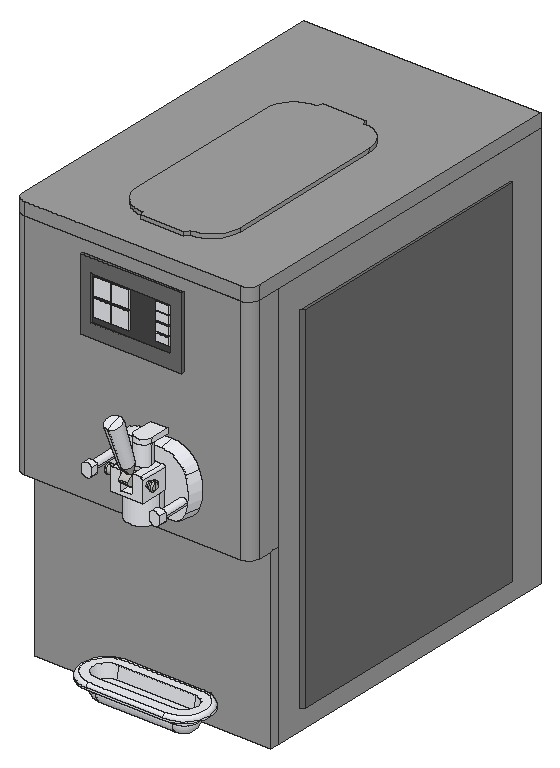
Revit family "QF_ELECTROLUXPROFESSIONAL_560066_CAP118DGA3PHCM", category Specialty Equipment, Revit 2018
Family settings
  Round Connector Dimension = Use Diameter
  Part Type = Normal
  Work Plane-Based = No
  Always vertical = Yes
  Cut with Voids When Loaded = No
  Shared = No
  Room Calculation Point = No
Parameters
  Watts = 0 W
  HP = ""
  Direct Waste Size = 0 mm
Reference planes
  plane 1 "Center (Front/Back)": y = 0
  plane 2: z = 0
  plane 3 "Center (Left/Right)": x = 0
  plane 4 "BASE": z = 30
  plane 5 "TOP": z = 853
  plane 6 "FRONT": y = -417
  plane 7 "BACK": y = 417
  plane 8 "LEFT": x = -232.5
  plane 9 "RIGHT": x = 232.5
  plane 10 "PLANE": z = 113
  plane 11: z = 400
  plane 12: y = 287
  plane 13: y = -111
  plane 14: x = -147
  plane 15: x = 147
  plane 16: y = 410
  plane 17: y = 390
  plane 18 "Panel": y = -227
  plane 19 "CenterX": y = -330.377
  plane 20 "CenterY": x = 48.589
  plane 21 "DispenserX": z = 503.906
  plane 22 "HoleY": y = -359.094
  plane 23: y = -377
Forms (mm)
  Extrusion 1, solid, material "QF_Finishes_Rubber Black"
    sketch origin (0, 0, 0) x (1, 0, 0) y (0, 1, 0)
      loop
        circle (-147, 287) r 20
    from 30 to 0
  Extrusion 2, solid, material "QF_Finishes_Rubber Black"
    sketch origin (0, 0, 0) x (1, 0, 0) y (0, 1, 0)
      loop
        circle (-147, -111) r 20
    from 30 to 0
  Extrusion 3, solid, material "QF_Finishes_Rubber Black"
    sketch origin (5, 0, 0) x (1, 0, 0) y (0, 1, 0)
      loop
        circle (142.097, 287) r 20
    from 30 to 0
  Extrusion 4, solid, material "QF_Finishes_Rubber Black"
    sketch origin (0, 0, 0) x (1, 0, 0) y (0, 1, 0)
      loop
        circle (142.097, -111) r 20
    from 30 to 0
  Extrusion 5, solid, material "QF_Finishes_Rubber Black"
    sketch origin (0, 0, 0) x (1, 0, 0) y (0, 1, 0)
      loop
        line (200, 410) -> (193, 417) -> (-193, 417) -> (-200, 410) -> (200, 410)
    from 70 to 761
  Extrusion 6, solid, material "QF_Finishes_Rubber Black"
    sketch origin (0, 0, 0) x (1, 0, 0) y (0, 1, 0)
      loop
        line (225.5, 338.446) -> (225.5, -174.757) -> (232.5, -167.757) -> (232.5, 331.446) -> (225.5, 338.446)
    from 70 to 761
  Extrusion 7, solid, material "QF_Finishes_Gray"
    sketch origin (0, 0, 0) x (1, 0, 0) y (0, 1, 0)
      loop
        line (-232.5, 410) -> (-232.5, -227) -> (225.5, -227) -> (225.5, 410) -> (-232.5, 410)
    from 821 to 30
  Extrusion 8, solid, material "QF_Finishes_Gray"
    sketch origin (0, 0, 0) x (1, 0, 0) y (0, 1, 0)
      loop
        line (-100, 152.026) -> (-100, -159.18)
        arc (-100, -159.18) -> (-83.917, -198.045) -> (-45.075, -214.18) r 55
        line (-45.075, -214.18) -> (-41.655, -223.577) -> (41.655, -223.577) -> (45.075, -214.18)
        arc (45.075, -214.18) -> (83.917, -198.045) -> (100, -159.18) r 55
        line (100, -159.18) -> (100, 152.026)
        arc (100, 152.026) -> (83.917, 190.89) -> (45.075, 207.026) r 55
        line (45.075, 207.026) -> (41.655, 216.423) -> (-41.655, 216.423) -> (-45.075, 207.026)
        arc (-45.075, 207.026) -> (-83.917, 190.89) -> (-100, 152.026) r 55
    from 853 to 846
  Extrusion 9, solid, material "QF_Finishes_Gray"
    sketch origin (0, 0, 0) x (1, 0, 0) y (0, 1, 0)
      loop
        line (-232.5, 410) -> (-232.5, -270.442)
        arc (-232.5, -270.442) -> (-226.642, -284.584) -> (-212.5, -290.442) r 20
        line (-212.5, -290.442) -> (205.5, -290.442)
        arc (205.5, -290.442) -> (219.642, -284.584) -> (225.5, -270.442) r 20
        line (225.5, -270.442) -> (225.5, 410) -> (-232.5, 410)
    from 846 to 821
  Extrusion 10, solid, material "QF_Finishes_Gray"
    sketch origin (0, 0, 0) x (1, 0, 0) y (0, 1, 0)
      loop
        arc (-232.5, -270.442) -> (-226.642, -284.584) -> (-212.5, -290.442) r 20
        line (-212.5, -290.442) -> (205.5, -290.442)
        arc (205.5, -290.442) -> (219.642, -284.584) -> (225.5, -270.442) r 20
        line (225.5, -270.442) -> (225.5, -227) -> (-232.5, -227) -> (-232.5, -270.442)
    from 372.116 to 821
  Extrusion 11, solid, material "QF_Finishes_Gray"
    sketch origin (0, 0, 0) x (1, 0, 0) y (0, 1, 0)
      loop
        line (-232.5, -227) -> (-232.5, -242) -> (225.5, -242) -> (225.5, -227) -> (-232.5, -227)
    from 30 to 372.116
  Extrusion 12, solid, material "QF_Finishes_Rubber Black"
    sketch origin (0, -417, 56) x (-1, 0, 0) y (0, 0, 1)
      loop
        line (-95, 742) -> (-95, 602) -> (100, 602) -> (100, 742) -> (-95, 742)
      loop
        line (80, 715) -> (-75, 715) -> (-75, 629) -> (80, 629) -> (80, 715)
    from 131.011 to 121
  Extrusion 13, solid, material "QF_Plastic-Black-Matte"
    sketch origin (0, -417, 56) x (-1, 0, 0) y (0, 0, 1)
      loop
        line (80, 715) -> (-75, 715) -> (-75, 629) -> (80, 629) -> (80, 715)
    from 131.011 to 123
  Blend 14, solid, material "QF_Finishes_White"
    base sketch origin (0, -417, 1) x (-1, 0, 0) y (0, 0, 1)
      loop
        line (-17.867, 534.877) -> (-72.867, 534.877)
        arc (-72.867, 534.877) -> (-104.498, 524.904) -> (-124.689, 498.591) r 55.147
        arc (-124.689, 498.591) -> (-130.721, 464.381) -> (-124.689, 430.171) r 100.024
        arc (-124.689, 430.171) -> (-109.879, 411.813) -> (-86.926, 406.378) r 36.422
        line (-86.926, 406.378) -> (-13.841, 406.378)
        arc (-13.841, 406.378) -> (11.118, 423.732) -> (28.657, 448.561) r 87.736
        arc (28.657, 448.561) -> (32.359, 477.841) -> (28.62, 507.117) r 117.056
        arc (28.62, 507.117) -> (9.205, 527.409) -> (-17.867, 534.877) r 52.805
    top sketch origin (0, -417, 1) x (-1, 0, 0) y (0, 0, 1)
      loop
        arc (23.932, 505.269) -> (6.385, 523.268) -> (-17.867, 529.877) r 47.805
        line (-17.867, 529.877) -> (-72.867, 529.877)
        arc (-72.867, 529.877) -> (-101.631, 520.808) -> (-119.99, 496.881) r 50.147
        arc (-119.99, 496.881) -> (-125.721, 464.381) -> (-119.99, 431.881) r 95.024
        arc (-119.99, 431.881) -> (-107.114, 415.981) -> (-87.178, 411.378) r 31.422
        line (-87.178, 411.378) -> (-14.959, 411.378)
        arc (-14.959, 411.378) -> (7.813, 427.497) -> (23.932, 450.269) r 82.736
        arc (23.932, 450.269) -> (27.359, 477.769) -> (23.932, 505.269) r 112.056
    from 126.558 to 100
  Sweep 15, solid, material "QF_Finishes_White"
    path origin (0, 0.098, 0) x (1, 0, 0) y (0, 1, 0)
      loop
        arc (124.288, -377.098) -> (174.152, -327.234) -> (124.288, -277.37) r 49.864
        line (124.288, -277.37) -> (-24.465, -277.37)
        arc (-24.465, -277.37) -> (-74.329, -327.234) -> (-24.465, -377.098) r 49.864
        line (-24.465, -377.098) -> (124.288, -377.098)
    profile origin (49.912, -377, 0) x (0, -1, 0) y (0, 0, 1)
      loop
        arc (-44.804, 63.948) -> (-28.996, 70.496) -> (-22.447, 86.305) r 22.357
        line (-22.447, 86.305) -> (-20.953, 103.387) -> (0, 103.387) -> (0, 106.387)
        arc (0, 106.387) -> (-1.937, 111.063) -> (-6.613, 113) r 6.613
        line (-6.613, 113) -> (-23.219, 113) -> (-25.397, 88.095) -> (-44.804, 88.095) -> (-44.804, 63.948)
  Revolve 16, solid, material "QF_Finishes_White"
    sketch origin (0, -330.377, 1) x (-1, 0, 0) y (0, 0, 1)
      loop
        line (-17, 458.985) -> (-45.961, 458.985) -> (-45.961, 502.906) -> (-32, 502.906) -> (-32, 540.7) -> (-48.589, 540.7) -> (-48.589, 399)
        arc (-48.589, 399) -> (-35.782, 401.599) -> (-25, 408.985) r 32.856
        line (-25, 408.985) -> (-17, 408.985) -> (-17, 458.985)
      axis (-48.589, 399) -> (-48.589, 540.7)
    angle from 0 to 360
  Extrusion 17, solid, material "QF_Finishes_White"
    sketch origin (0, -417, 1) x (-1, 0, 0) y (0, 0, 1)
      loop
        line (-80.178, 458.985) -> (-17, 458.985) -> (-17, 497.906)
        arc (-17, 497.906) -> (-18.465, 501.442) -> (-22, 502.906) r 5
        line (-22, 502.906) -> (-37.291, 502.906) -> (-37.291, 466.693) -> (-59.888, 466.693) -> (-59.888, 502.906) -> (-75.178, 502.906)
        arc (-75.178, 502.906) -> (-78.714, 501.442) -> (-80.178, 497.906) r 5
        line (-80.178, 497.906) -> (-80.178, 458.985)
    from 46.352 to 100
  Extrusion 18, solid, material "QF_Finishes_Stainless Steel"
    sketch origin (48.589, 0, 1) x (0, -1, 0) y (0, 0, 1)
      loop
        arc (378.299, 489.717) -> (371.207, 497.676) -> (361.14, 501.185) r 21.226
        line (361.14, 501.185) -> (357.048, 501.185) -> (325.071, 496.12)
        arc (325.071, 496.12) -> (320.535, 488.808) -> (325.071, 481.495) r 8.163
        line (325.071, 481.495) -> (357.048, 476.43) -> (361.14, 476.43)
        arc (361.14, 476.43) -> (371.207, 479.939) -> (378.299, 487.898) r 21.226
        line (378.299, 487.898) -> (378.299, 489.717)
    from -9 to 9
  Revolve 19, solid, material "QF_Finishes_Stainless Steel"
    sketch origin (48.589, 0, 0) x (0, -1, 0) y (0, 0, 1)
      loop
        line (363.235, 499.595) -> (370.502, 518.527) -> (359.094, 522.906) -> (359.094, 501.185) -> (363.235, 499.595)
      axis (363.235, 499.595) -> (370.502, 518.527)
    angle from 0 to 360
  Revolve 20, solid, material "QF_Finishes_White"
    sketch origin (48.589, 0, 0) x (0, -1, 0) y (0, 0, 1)
      loop
        line (359.094, 522.906) -> (370.502, 518.527) -> (402.736, 602.498) -> (388.395, 608.003) -> (359.094, 522.906)
      axis (370.502, 518.527) -> (402.736, 602.498)
    angle from 0 to 360
  Extrusion 21, solid, material "QF_Finishes_White"
    sketch origin (0, -417, 0) x (-1, 0, 0) y (0, 0, 1)
      loop
        circle (-114.635, 451.539) r 7.506
    from 45 to 100
  Extrusion 22, solid, material "QF_Finishes_White"
    sketch origin (0, -417, 1) x (-1, 0, 0) y (0, 0, 1)
      loop
        arc (-104.635, 459.044) -> (-114.635, 464.044) -> (-124.635, 459.044) r 12.5
        line (-124.635, 459.044) -> (-124.635, 444.044)
        arc (-124.635, 444.044) -> (-114.635, 439.044) -> (-104.635, 444.044) r 12.5
        line (-104.635, 444.044) -> (-104.635, 459.044)
    from 32 to 45
  Extrusion 23, solid, material "QF_Finishes_White"
    sketch origin (97.179, -417, 40) x (1, 0, 0) y (0, 0, -1)
      loop
        circle (-114.635, -451.539) r 7.506
    from 45 to 100
  Extrusion 24, solid, material "QF_Finishes_White"
    sketch origin (97.179, -417, 38.705) x (1, 0, 0) y (0, 0, -1)
      loop
        line (-104.635, -459.044) -> (-104.635, -444.044)
        arc (-104.635, -444.044) -> (-114.635, -439.044) -> (-124.635, -444.044) r 12.5
        line (-124.635, -444.044) -> (-124.635, -459.044)
        arc (-124.635, -459.044) -> (-114.635, -464.044) -> (-104.635, -459.044) r 12.5
    from 32 to 45
  Extrusion 25, solid, material "QF_Finishes_White"
    sketch origin (0, 0.327, 503.906) x (-1, 0, 0) y (0, -1, 0)
      loop
        arc (-32, 330.377) -> (-48.589, 346.966) -> (-65.178, 330.377) r 16.589
        line (-65.178, 330.377) -> (-65.178, 292.42) -> (-32, 292.42) -> (-32, 330.377)
    from 37.793 to 47.43
  Extrusion 26, solid, material "QF_Finishes_White"
    sketch origin (0, 0.098, 113) x (0, 1, 0) y (-1, 0, 0)
      loop
        arc (-319.611, 24.465) -> (-329.476, 34.329) -> (-339.34, 24.465) r 9.864
        line (-339.34, 24.465) -> (-339.34, -124.288)
        arc (-339.34, -124.288) -> (-329.476, -134.152) -> (-319.611, -124.288) r 9.864
        line (-319.611, -124.288) -> (-319.611, 24.465)
    from -48.53 to -24.905
  Extrusion 27, solid, material "QF_Finishes_Stainless Steel"
    sketch origin (48.589, 0, 8) x (0, -1, 0) y (0, 0, 1)
      loop
        line (277.271, 95.387) -> (277.271, 77.387) -> (242, 77.387) -> (242, 42.387) -> (245, 42.387) -> (245, 74.387) -> (280.273, 74.387) -> (280.273, 95.387) -> (277.271, 95.387)
    from -60.17 to 55.108
  Extrusion 28, void
    sketch origin (48.589, 0, 1) x (0, -1, 0) y (0, 0, 1)
      loop
        circle (359.094, 488.808) r 5
    from -31.589 to 31.589
  Revolve 29, solid, material "QF_Finishes_Stainless Steel"
    sketch origin (0, -359.094, 1) x (0, 0, 1) y (1, 0, 0)
      loop
        line (493.808, 80.178) -> (493.808, 84.651) -> (497.46, 89.868) -> (497.46, 92.697) -> (495.124, 95.033) -> (488.808, 95.033) -> (488.808, 80.178) -> (493.808, 80.178)
      loop
        line (493.808, 17) -> (488.808, 17) -> (488.808, 2.146) -> (495.124, 2.146) -> (497.46, 4.482) -> (497.46, 7.311) -> (493.808, 12.528) -> (493.808, 17)
      axis (488.808, 2.146) -> (488.808, 95.033)
    angle from 0 to 360
  Extrusion 30, solid, material "QF_Finishes_Stainless Steel"
    sketch origin (0, -227, 0) x (1, 0, 0) y (0, 0, 1)
      loop
        circle (-142.42, 350.164) r 10
      loop
        circle (137.549, 350.164) r 10
    from 15 to 17.498
  Extrusion 31, solid, material "QF_Finishes_Stainless Steel"
    sketch origin (0, 0, 30) x (-1, 0, 0) y (0, -1, 0)
      loop
        circle (-170.5, -192) r 20
    from 0 to -11.079
  Extrusion 32, solid, material "QF_Finishes_White"
    sketch origin (0, -417, 56) x (-1, 0, 0) y (0, 0, 1)
      loop
        line (75, 711) -> (42, 711) -> (42, 678) -> (75, 678) -> (75, 711)
      loop
        line (75, 641) -> (75, 674) -> (42, 674) -> (42, 641) -> (75, 641)
      loop
        line (40, 711) -> (7, 711) -> (7, 678) -> (40, 678) -> (40, 711)
      loop
        line (40, 641) -> (40, 674) -> (7, 674) -> (7, 641) -> (40, 641)
      loop
        line (-70, 711) -> (-70, 696) -> (-46, 696) -> (-46, 711) -> (-70, 711)
      loop
        line (-70, 678) -> (-46, 678) -> (-46, 693) -> (-70, 693) -> (-70, 678)
      loop
        line (-70, 674) -> (-70, 659) -> (-46, 659) -> (-46, 674) -> (-70, 674)
      loop
        line (-70, 641) -> (-46, 641) -> (-46, 656) -> (-70, 656) -> (-70, 641)
    from 123 to 121
Cuts and joins
  Extrusion 28 cuts Extrusion 17
  Extrusion 28 cuts Extrusion 18
  Extrusion 28 cuts Extrusion 23
  joined: Sweep 15, Extrusion 26
Lines and regions (mm)
  symbolic lines
    curve 1: line (-232.5, 410, 30) -> (-232.5, -270.442, 30)
    curve 2: arc (-232.5, -270.442, 30) -> (-226.642, -284.584, 30) -> (-212.5, -290.442, 30) r 20
    curve 3: line (-212.5, -290.442, 30) -> (205.5, -290.442, 30)
    curve 4: arc (205.5, -290.442, 30) -> (219.642, -284.584, 30) -> (225.5, -270.442, 30) r 20
    curve 5: line (225.5, -270.442, 30) -> (225.5, 410, 30)
    curve 6: line (225.5, 410, 30) -> (-232.5, 410, 30)
    curve 7: line (-193, 417, 30) -> (-200, 410, 30)
    curve 8: line (193, 417, 30) -> (-193, 417, 30)
    curve 9: line (200, 410, 30) -> (193, 417, 30)
    curve 10: line (232.5, 331.446, 30) -> (225.5, 338.446, 30)
    curve 11: line (232.5, -167.757, 30) -> (232.5, 331.446, 30)
    curve 12: line (225.5, -174.757, 30) -> (232.5, -167.757, 30)
    curve 13: line (-41.655, -223.577, 30) -> (41.655, -223.577, 30)
    curve 14: line (-45.075, -214.18, 30) -> (-41.655, -223.577, 30)
    curve 15: line (41.655, -223.577, 30) -> (45.075, -214.18, 30)
    curve 16: arc (45.075, -214.18, 30) -> (83.917, -198.045, 30) -> (100, -159.18, 30) r 55
    curve 17: arc (-100, -159.18, 30) -> (-83.917, -198.045, 30) -> (-45.075, -214.18, 30) r 55
    curve 18: line (-100, 152.026, 30) -> (-100, -159.18, 30)
    curve 19: line (100, -159.18, 30) -> (100, 152.026, 30)
    curve 20: arc (100, 152.026, 30) -> (83.917, 190.89, 30) -> (45.075, 207.026, 30) r 55
    curve 21: line (45.075, 207.026, 30) -> (41.655, 216.423, 30)
    curve 22: line (41.655, 216.423, 30) -> (-41.655, 216.423, 30)
    curve 23: line (-41.655, 216.423, 30) -> (-45.075, 207.026, 30)
    curve 24: arc (-45.075, 207.026, 30) -> (-83.917, 190.89, 30) -> (-100, 152.026, 30) r 55
    curve 25: line (-100, -290.442, 30) -> (-100, -296, 30)
    curve 26: line (-100, -296, 30) -> (95, -296, 30)
    curve 27: line (95, -296, 30) -> (95, -290.442, 30)
    curve 28: line (65.178, -330.051, 30) -> (65.178, -296, 30)
    curve 29: line (32, -296, 30) -> (32, -330.051, 30)
    curve 30: arc (32, -330.051, 30) -> (48.589, -346.64, 30) -> (65.178, -330.051, 30) r 16.589
    curve 31: line (-27.457, -372, 30) -> (-27.457, -385, 30)
    curve 32: line (-7.457, -372, 30) -> (-27.457, -372, 30)
    curve 33: line (-27.457, -385, 30) -> (-7.457, -385, 30)
    curve 34: line (-7.457, -385, 30) -> (-7.457, -372, 30)
    curve 35: line (104.635, -385, 30) -> (124.635, -385, 30)
    curve 36: line (124.635, -385, 30) -> (124.635, -372, 30)
    curve 37: line (124.635, -372, 30) -> (104.635, -372, 30)
    curve 38: line (104.635, -372, 30) -> (104.635, -385, 30)
    curve 39: spline (48.589, -388.395, 30) -> (52.565, -388.884, 30) -> (56.27, -390.316, 30) -> (59.451, -392.595, 30) -> (61.892, -395.565, 30) -> (63.427, -399.024, 30) -> (63.95, -402.736, 30) -> (63.427, -406.447, 30) -> (61.892, -409.906, 30) -> (59.451, -412.876, 30) -> (56.27, -415.155, 30) -> (52.565, -416.588, 30) -> (48.589, -417.076, 30)
    curve 40: spline (48.589, -417.076, 30) -> (44.614, -416.588, 30) -> (40.909, -415.155, 30) -> (37.728, -412.876, 30) -> (35.286, -409.906, 30) -> (33.752, -406.447, 30) -> (33.228, -402.736, 30) -> (33.752, -399.024, 30) -> (35.286, -395.565, 30) -> (37.728, -392.595, 30) -> (40.909, -390.316, 30) -> (44.614, -388.884, 30) -> (48.589, -388.395, 30)
    curve 41: spline (60.731, -369.213, 30) -> (60.04, -366.518, 30) -> (58.673, -364.058, 30) -> (56.711, -361.978, 30) -> (54.27, -360.401, 30) -> (51.493, -359.421, 30) -> (48.546, -359.094, 30) -> (45.601, -359.44, 30) -> (42.832, -360.439, 30) -> (40.403, -362.032, 30) -> (38.457, -364.125, 30) -> (37.109, -366.594, 30) -> (36.438, -369.294, 30)
    curve 42: line (39.589, -343.986, 30) -> (39.589, -362.785, 30)
    curve 43: line (37.291, -366.156, 30) -> (37.291, -342.197, 30)
    curve 44: line (57.589, -357.048, 30) -> (39.589, -357.048, 30)
    curve 45: line (39.589, -361.14, 30) -> (41.606, -361.14, 30)
    curve 46: line (59.888, -342.197, 30) -> (59.888, -366.156, 30)
    curve 47: line (57.589, -362.785, 30) -> (57.589, -343.986, 30)
    curve 48: line (17, -370.648, 30) -> (36.306, -370.648, 30)
    curve 49: line (17, -317, 30) -> (17, -370.648, 30)
    curve 50: line (36.438, -369.294, 30) -> (33.293, -401.419, 30)
    curve 51: line (60.731, -369.213, 30) -> (63.833, -400.965, 30)
    curve 52: line (55.572, -361.14, 30) -> (57.589, -361.14, 30)
    curve 53: line (60.871, -370.648, 30) -> (80.178, -370.648, 30)
    curve 54: line (-24.964, -372, 30) -> (-24.964, -317, 30)
    curve 55: line (-9.951, -372, 30) -> (-9.951, -317, 30)
    curve 56: line (2.146, -365.41, 30) -> (2.146, -352.778, 30)
    curve 57: line (2.146, -352.778, 30) -> (4.476, -350.447, 30)
    curve 58: line (4.476, -350.447, 30) -> (7.296, -350.447, 30)
    curve 59: line (7.296, -350.447, 30) -> (12.528, -354.094, 30)
    curve 60: line (12.528, -354.094, 30) -> (17, -354.094, 30)
    curve 61: line (12.528, -354.094, 30) -> (12.528, -364.094, 30)
    curve 62: line (2.146, -365.41, 30) -> (4.476, -367.74, 30)
    curve 63: line (4.476, -367.74, 30) -> (7.296, -367.74, 30)
    curve 64: line (7.296, -367.74, 30) -> (12.528, -364.094, 30)
    curve 65: line (4.476, -367.74, 30) -> (4.476, -350.447, 30)
    curve 66: line (7.296, -350.447, 30) -> (7.296, -367.74, 30)
    curve 67: line (12.528, -364.094, 30) -> (17, -364.094, 30)
    curve 68: line (122.143, -372, 30) -> (122.143, -317, 30)
    curve 69: line (107.13, -372, 30) -> (107.13, -317, 30)
    curve 70: line (107.13, -351.603, 30) -> (93.858, -351.603, 30)
    curve 71: line (107.13, -353.781, 30) -> (95.033, -353.781, 30)
    curve 72: line (95.033, -365.41, 30) -> (95.033, -352.778, 30)
    curve 73: line (95.033, -352.778, 30) -> (92.703, -350.447, 30)
    curve 74: line (92.703, -350.447, 30) -> (89.882, -350.447, 30)
    curve 75: line (89.882, -350.447, 30) -> (84.651, -354.094, 30)
    curve 76: line (84.651, -354.094, 30) -> (80.178, -354.094, 30)
    curve 77: line (84.651, -354.094, 30) -> (84.651, -364.094, 30)
    curve 78: line (95.033, -365.41, 30) -> (92.703, -367.74, 30)
    curve 79: line (92.703, -367.74, 30) -> (89.882, -367.74, 30)
    curve 80: line (89.882, -367.74, 30) -> (84.651, -364.094, 30)
    curve 81: line (92.703, -367.74, 30) -> (92.703, -350.447, 30)
    curve 82: line (89.882, -350.447, 30) -> (89.882, -367.74, 30)
    curve 83: line (84.651, -364.094, 30) -> (80.178, -364.094, 30)
    curve 84: line (80.178, -317, 30) -> (80.178, -370.648, 30)
    curve 85: line (-27.359, -317, 30) -> (-31.405, -296, 30)
    curve 86: line (-23.932, -317, 30) -> (-27.639, -296, 30)
    curve 87: line (-27.359, -317, 30) -> (32, -317, 30)
    curve 88: line (125.721, -317, 30) -> (130.838, -290.442, 30)
    curve 89: line (122.294, -317, 30) -> (126.982, -290.442, 30)
    curve 90: line (125.721, -317, 30) -> (65.178, -317, 30)
    curve 91: line (124.288, -351.603, 30) -> (122.143, -351.603, 30)
    curve 92: line (124.288, -353.781, 30) -> (122.143, -353.781, 30)
    curve 93: arc (-24.964, -351.597, 30) -> (-48.8, -329.672, 30) -> (-29.998, -303.303, 30) r 24.467
    curve 94: arc (-30.411, -301.162, 30) -> (-50.969, -329.879, 30) -> (-24.964, -353.777, 30) r 26.646
    curve 95: arc (-27.457, -376.91, 30) -> (-70.032, -347.386, 30) -> (-63.414, -296, 30) r 49.864
    curve 96: arc (128.414, -303.019, 30) -> (148.667, -329.206, 30) -> (124.288, -351.603, 30) r 24.467
    curve 97: arc (124.288, -353.781, 30) -> (150.836, -329.413, 30) -> (128.827, -300.879, 30) r 26.646
    curve 98: arc (158.052, -290.442, 30) -> (170.743, -345.257, 30) -> (124.288, -377, 30) r 49.864
    curve 99: line (88.225, -351.603, 30) -> (80.178, -351.603, 30)
    curve 100: line (85.099, -353.781, 30) -> (80.178, -353.781, 30)
    curve 101: line (-9.951, -351.603, 30) -> (3.321, -351.603, 30)
    curve 102: line (-9.951, -353.781, 30) -> (2.146, -353.781, 30)
    curve 103: line (8.954, -351.603, 30) -> (17, -351.603, 30)
    curve 104: line (12.08, -353.781, 30) -> (17, -353.781, 30)
    curve 105: line (-7.457, -377, 30) -> (35.684, -377, 30)
    curve 106: line (61.492, -377, 30) -> (104.635, -377, 30)
Dimensions and locks
  plane 4 "BASE" to level = 30.0 mm
  plane 5 "TOP" to level = 853.0 mm
  plane 7 "BACK" to plane 6 "FRONT" = 834.0 mm
  plane 8 "LEFT" to plane 9 "RIGHT" = 465.0 mm
  plane 9 "RIGHT" to plane 8 "LEFT" = 465.0 mm
  plane 10 "PLANE" to level = 113.0 mm
  plane 11 to plane 10 "PLANE" = 287.0 mm
  plane 7 "BACK" to plane 12 = 130.0 mm
  plane 13 to plane 12 = 398.0 mm
  plane 16 to plane 7 "BACK" = 7.0 mm
  plane 17 to plane 16 = 20.0 mm
  plane 18 "Panel" to plane 17 = 617.0 mm
  plane 14 to plane 15 = 294.0 mm
  plane 23 to plane 7 "BACK" = 794.0 mm
  plane 7 "BACK" to plane 23 = 794.0 mm
  radius of Extrusion 30 sketch curve = 10.0 mm
  aligned and locked: level to plane 2
Connectors
  electrical at (170.5, 192, 18.921)
    settings: on Extrusion 31, index 1, voltage 0 V, apparent load 0 VA, apparent load phase1 0 VA, apparent load phase2 0 VA, apparent load phase3 0 VA, power factor 1, load classification "Other", number of poles 1, system type 30, power factor state 1, is connector primary yes, connector utility no, sub classification motor no, connector description "Electrical Connection"
